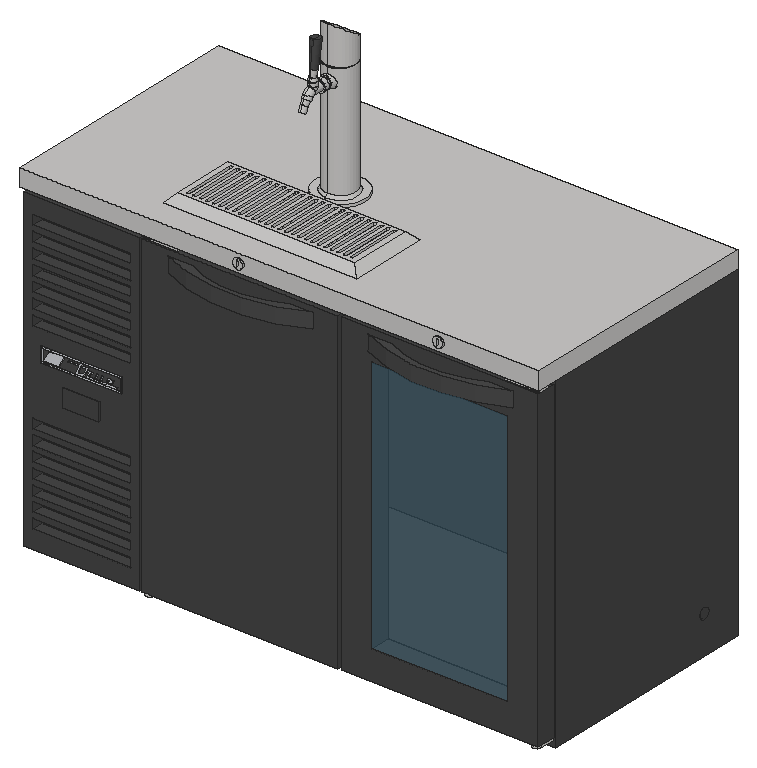
Revit family "QF_TRUE_TDR52-RISZ1-L-B-SG-1", category Specialty Equipment, Revit 2016 (continued)
Definition of nested family "TDR52-RISZ1-L-B-SG-1"
  Lines and regions (in)
    symbolic lines
      curve 103: arc (22.10722, -20.907, 0) -> (22.2791, -21.07887, 0) -> (22.45097, -20.907, 0) r 0.17187
      curve 104: line (22.45097, -20.907, 0) -> (22.45097, -15.64166, 0)
      curve 105: arc (22.45097, -15.64166, 0) -> (22.42549, -15.5516, 0) -> (22.3566, -15.48825, 0) r 0.17187
      curve 106: line (22.76347, -20.907, 0) -> (22.76347, -15.64166, 0)
      curve 107: arc (22.76347, -15.64166, 0) -> (22.93535, -15.46978, 0) -> (23.10722, -15.64166, 0) r 0.17187
      curve 108: line (23.10722, -15.64166, 0) -> (23.10722, -20.907, 0)
      curve 109: arc (23.10722, -20.907, 0) -> (22.93535, -21.07887, 0) -> (22.76347, -20.907, 0) r 0.17187
      curve 110: line (23.41972, -20.907, 0) -> (23.41972, -15.64166, 0)
      curve 111: arc (23.41972, -15.64166, 0) -> (23.5916, -15.46978, 0) -> (23.76347, -15.64166, 0) r 0.17187
      curve 112: line (23.76347, -15.64166, 0) -> (23.76347, -20.907, 0)
      curve 113: arc (23.76347, -20.907, 0) -> (23.5916, -21.07887, 0) -> (23.41972, -20.907, 0) r 0.17187
      curve 114: line (24.07597, -20.907, 0) -> (24.07597, -15.64166, 0)
      curve 115: arc (24.07597, -15.64166, 0) -> (24.24785, -15.46978, 0) -> (24.41972, -15.64166, 0) r 0.17187
      curve 116: line (24.41972, -15.64166, 0) -> (24.41972, -20.907, 0)
      curve 117: arc (24.41972, -20.907, 0) -> (24.24785, -21.07887, 0) -> (24.07597, -20.907, 0) r 0.17187
      curve 118: line (24.73222, -20.907, 0) -> (24.73222, -15.64166, 0)
      curve 119: arc (24.73222, -15.64166, 0) -> (24.9041, -15.46978, 0) -> (25.07597, -15.64166, 0) r 0.17187
      curve 120: line (25.07597, -15.64166, 0) -> (25.07597, -20.907, 0)
      curve 121: arc (25.07597, -20.907, 0) -> (24.9041, -21.07887, 0) -> (24.73222, -20.907, 0) r 0.17187
      curve 122: line (25.73222, -15.64166, 0) -> (25.73222, -20.907, 0)
      curve 123: arc (25.73222, -20.907, 0) -> (25.56035, -21.07887, 0) -> (25.38847, -20.907, 0) r 0.17187
      curve 124: line (25.38847, -20.907, 0) -> (25.38847, -15.64166, 0)
      curve 125: arc (25.38847, -15.64166, 0) -> (25.56035, -15.46978, 0) -> (25.73222, -15.64166, 0) r 0.17187
      curve 126: line (26.04472, -15.64166, 0) -> (26.04472, -20.907, 0)
      curve 127: arc (26.04472, -20.907, 0) -> (26.2166, -21.07887, 0) -> (26.38847, -20.907, 0) r 0.17187
      curve 128: line (26.38847, -20.907, 0) -> (26.38847, -15.64166, 0)
      curve 129: arc (26.38847, -15.64166, 0) -> (26.2166, -15.46978, 0) -> (26.04472, -15.64166, 0) r 0.17187
      curve 130: line (26.70097, -20.907, 0) -> (26.70097, -15.64166, 0)
      curve 131: arc (26.70097, -15.64166, 0) -> (26.87285, -15.46978, 0) -> (27.04472, -15.64166, 0) r 0.17187
      curve 132: line (27.04472, -15.64166, 0) -> (27.04472, -20.907, 0)
      curve 133: arc (27.04472, -20.907, 0) -> (26.87285, -21.07887, 0) -> (26.70097, -20.907, 0) r 0.17187
      curve 134: line (27.35722, -20.907, 0) -> (27.35722, -15.64166, 0)
      curve 135: arc (27.35722, -15.64166, 0) -> (27.5291, -15.46978, 0) -> (27.70097, -15.64166, 0) r 0.17187
      curve 136: line (27.70097, -15.64166, 0) -> (27.70097, -20.907, 0)
      curve 137: arc (27.70097, -20.907, 0) -> (27.5291, -21.07887, 0) -> (27.35722, -20.907, 0) r 0.17187
      curve 138: line (28.01347, -20.907, 0) -> (28.01347, -15.64166, 0)
      curve 139: arc (28.01347, -15.64166, 0) -> (28.18535, -15.46978, 0) -> (28.35722, -15.64166, 0) r 0.17187
      curve 140: line (28.35722, -15.64166, 0) -> (28.35722, -20.907, 0)
      curve 141: arc (28.35722, -20.907, 0) -> (28.18535, -21.07887, 0) -> (28.01347, -20.907, 0) r 0.17187
      curve 142: line (28.66972, -20.907, 0) -> (28.66972, -15.64166, 0)
      curve 143: arc (28.66972, -15.64166, 0) -> (28.8416, -15.46978, 0) -> (29.01347, -15.64166, 0) r 0.17187
      curve 144: line (29.01347, -15.64166, 0) -> (29.01347, -20.907, 0)
      curve 145: arc (29.01347, -20.907, 0) -> (28.8416, -21.07887, 0) -> (28.66972, -20.907, 0) r 0.17187
      curve 146: line (29.66972, -15.64166, 0) -> (29.66972, -20.907, 0)
      curve 147: arc (29.66972, -20.907, 0) -> (29.49785, -21.07887, 0) -> (29.32597, -20.907, 0) r 0.17187
      curve 148: line (29.32597, -20.907, 0) -> (29.32597, -15.64166, 0)
      curve 149: arc (29.32597, -15.64166, 0) -> (29.49785, -15.46978, 0) -> (29.66972, -15.64166, 0) r 0.17187
      curve 150: line (29.98222, -15.64166, 0) -> (29.98222, -20.907, 0)
      curve 151: arc (29.98222, -20.907, 0) -> (30.1541, -21.07887, 0) -> (30.32597, -20.907, 0) r 0.17187
      curve 152: line (30.32597, -20.907, 0) -> (30.32597, -15.64166, 0)
      curve 153: arc (30.32597, -15.64166, 0) -> (30.1541, -15.46978, 0) -> (29.98222, -15.64166, 0) r 0.17187
      curve 154: line (12.31858, -22.2153, 0) -> (31.61892, -22.2153, 0)
      curve 155: line (21.57879, -14.80115, 0) -> (21.57879, -15.01934, 0)
      curve 156: line (22.35871, -14.80115, 0) -> (22.35871, -15.01934, 0)
    symbolic lines, not visible
      curve 157: circle (20.96875, -12.11522, 0) r 1.55031 normal (0, 0, 1)
      curve 158: arc (21.61223, -13.73606, 0) -> (20.96875, -10.37132, 0) -> (20.32527, -13.73606, 0) r 1.7439
      curve 159: arc (21.5436, -14.54197, 0) -> (20.96875, -9.62132, 0) -> (20.3939, -14.54197, 0) r 2.4939
      curve 160: line (20.38021, -13.94112, 0) -> (21.55729, -13.94112, 0)
      curve 161: line (21.55729, -13.94112, 0) -> (21.67702, -13.49428, 0)
      curve 162: line (20.38021, -13.94112, 0) -> (20.26048, -13.49428, 0)
      curve 163: line (20.52237, -14.24379, 0) -> (20.52237, -13.94112, 0)
      curve 164: line (21.41513, -14.24379, 0) -> (21.41513, -13.94112, 0)
      curve 165: line (20.42011, -14.24379, 0) -> (21.51739, -14.24379, 0)
      curve 166: line (21.51739, -14.24379, 0) -> (21.55729, -14.69763, 0)
      curve 167: line (21.55729, -14.69763, 0) -> (20.38021, -14.69763, 0)
      curve 168: line (20.38021, -14.69763, 0) -> (20.42011, -14.24379, 0)
      curve 169: circle (20.96875, -15.14453, 0) r 0.45209 normal (0, 0, 1)
      curve 170: line (20.57246, -15.54083, 0) -> (20.57246, -16.26395, 0)
      curve 171: line (21.36504, -15.54083, 0) -> (21.36504, -16.26395, 0)
      curve 172: arc (20.57246, -16.26395, 0) -> (20.96875, -16.66024, 0) -> (21.36504, -16.26395, 0) r 0.39629
      curve 173: arc (20.66949, -16.52374, 0) -> (20.96875, -16.823, 0) -> (21.26801, -16.52374, 0) r 0.29926
      curve 174: line (20.68604, -16.82069, 0) -> (20.68604, -16.6219, 0)
      curve 175: line (21.25146, -16.82069, 0) -> (21.25146, -16.6219, 0)
      curve 176: arc (21.25146, -16.82069, 0) -> (20.96875, -17.10339, 0) -> (20.68604, -16.82069, 0) r 0.28271
      curve 177: arc (21.3439, -15.41312, 0) -> (20.96875, -15.93712, 0) -> (20.5936, -15.41312, 0) r 0.39629
      curve 178: line (20.65805, -15.55736, 0) -> (20.556, -15.32898, 0)
      curve 179: line (21.27945, -15.55736, 0) -> (21.3815, -15.32898, 0)
      curve 180: arc (21.27945, -15.55736, 0) -> (20.96875, -15.75883, 0) -> (20.65805, -15.55736, 0) r 0.34031
      curve 181: line (11.31858, -22.11177, 0) -> (11.31858, -14.26103, 0)
      curve 182: line (11.31858, -14.26103, 0) -> (19.69789, -14.26103, 0)
      curve 183: line (30.61892, -22.11177, 0) -> (30.61892, -14.26103, 0)
      curve 184: line (30.61892, -14.26103, 0) -> (22.23961, -14.26103, 0)
      curve 185: line (29.86892, -15.01103, 0) -> (29.86892, -21.36177, 0)
      curve 186: line (29.86892, -21.36177, 0) -> (12.06858, -21.36177, 0)
      curve 187: line (12.06858, -21.36177, 0) -> (12.06858, -15.01103, 0)
      curve 188: line (12.06858, -15.01103, 0) -> (20.53682, -15.01103, 0)
      curve 189: line (29.86892, -15.01103, 0) -> (21.40068, -15.01103, 0)
      curve 190: line (12.06858, -15.01103, 0) -> (11.31858, -14.26103, 0)
      curve 191: line (29.86892, -15.01103, 0) -> (30.61892, -14.26103, 0)
      curve 192: line (29.86892, -21.36177, 0) -> (30.61892, -22.11177, 0)
      curve 193: line (12.06858, -21.36177, 0) -> (11.31858, -22.11177, 0)
      curve 194: line (12.91972, -15.53813, 0) -> (12.91972, -20.80347, 0)
      curve 195: arc (12.91972, -20.80347, 0) -> (12.74785, -20.97534, 0) -> (12.57597, -20.80347, 0) r 0.17187
      curve 196: line (12.57597, -20.80347, 0) -> (12.57597, -15.53813, 0)
      curve 197: arc (12.57597, -15.53813, 0) -> (12.74785, -15.36625, 0) -> (12.91972, -15.53813, 0) r 0.17187
      curve 198: line (13.23222, -15.53813, 0) -> (13.23222, -20.80347, 0)
      curve 199: arc (13.23222, -20.80347, 0) -> (13.4041, -20.97534, 0) -> (13.57597, -20.80347, 0) r 0.17187
      curve 200: line (13.57597, -20.80347, 0) -> (13.57597, -15.53813, 0)
      curve 201: arc (13.57597, -15.53813, 0) -> (13.4041, -15.36625, 0) -> (13.23222, -15.53813, 0) r 0.17187
      curve 202: line (13.88847, -20.80347, 0) -> (13.88847, -15.53813, 0)
      curve 203: arc (13.88847, -15.53813, 0) -> (14.06035, -15.36625, 0) -> (14.23222, -15.53813, 0) r 0.17187
      curve 204: line (14.23222, -15.53813, 0) -> (14.23222, -20.80347, 0)
      curve 205: arc (14.23222, -20.80347, 0) -> (14.06035, -20.97534, 0) -> (13.88847, -20.80347, 0) r 0.17187
      curve 206: line (14.54472, -20.80347, 0) -> (14.54472, -15.53813, 0)
      curve 207: arc (14.54472, -15.53813, 0) -> (14.7166, -15.36625, 0) -> (14.88847, -15.53813, 0) r 0.17187
      curve 208: line (14.88847, -15.53813, 0) -> (14.88847, -20.80347, 0)
      curve 209: arc (14.88847, -20.80347, 0) -> (14.7166, -20.97534, 0) -> (14.54472, -20.80347, 0) r 0.17187
      curve 210: line (15.20097, -20.80347, 0) -> (15.20097, -15.53813, 0)
      curve 211: arc (15.20097, -15.53813, 0) -> (15.37285, -15.36625, 0) -> (15.54472, -15.53813, 0) r 0.17187
      curve 212: line (15.54472, -15.53813, 0) -> (15.54472, -20.80347, 0)
      curve 213: arc (15.54472, -20.80347, 0) -> (15.37285, -20.97534, 0) -> (15.20097, -20.80347, 0) r 0.17187
      curve 214: line (15.85722, -20.80347, 0) -> (15.85722, -15.53813, 0)
      curve 215: arc (15.85722, -15.53813, 0) -> (16.0291, -15.36625, 0) -> (16.20097, -15.53813, 0) r 0.17187
      curve 216: line (16.20097, -15.53813, 0) -> (16.20097, -20.80347, 0)
      curve 217: arc (16.20097, -20.80347, 0) -> (16.0291, -20.97534, 0) -> (15.85722, -20.80347, 0) r 0.17187
      curve 218: line (16.85722, -15.53813, 0) -> (16.85722, -20.80347, 0)
      curve 219: arc (16.85722, -20.80347, 0) -> (16.68535, -20.97534, 0) -> (16.51347, -20.80347, 0) r 0.17187
      curve 220: line (16.51347, -20.80347, 0) -> (16.51347, -15.53813, 0)
      curve 221: arc (16.51347, -15.53813, 0) -> (16.68535, -15.36625, 0) -> (16.85722, -15.53813, 0) r 0.17187
      curve 222: line (17.16972, -15.53813, 0) -> (17.16972, -20.80347, 0)
      curve 223: arc (17.16972, -20.80347, 0) -> (17.3416, -20.97534, 0) -> (17.51347, -20.80347, 0) r 0.17187
      curve 224: line (17.51347, -20.80347, 0) -> (17.51347, -15.53813, 0)
      curve 225: arc (17.51347, -15.53813, 0) -> (17.3416, -15.36625, 0) -> (17.16972, -15.53813, 0) r 0.17187
      curve 226: line (17.82597, -20.80347, 0) -> (17.82597, -15.53813, 0)
      curve 227: arc (17.82597, -15.53813, 0) -> (17.99785, -15.36625, 0) -> (18.16972, -15.53813, 0) r 0.17187
      curve 228: line (18.16972, -15.53813, 0) -> (18.16972, -20.80347, 0)
      curve 229: arc (18.16972, -20.80347, 0) -> (17.99785, -20.97534, 0) -> (17.82597, -20.80347, 0) r 0.17187
      curve 230: line (18.48222, -20.80347, 0) -> (18.48222, -15.53813, 0)
      curve 231: arc (18.48222, -15.53813, 0) -> (18.6541, -15.36625, 0) -> (18.82597, -15.53813, 0) r 0.17187
      curve 232: line (18.82597, -15.53813, 0) -> (18.82597, -20.80347, 0)
      curve 233: arc (18.82597, -20.80347, 0) -> (18.6541, -20.97534, 0) -> (18.48222, -20.80347, 0) r 0.17187
      curve 234: line (19.13847, -20.80347, 0) -> (19.13847, -15.53813, 0)
      curve 235: arc (19.13847, -15.53813, 0) -> (19.31035, -15.36625, 0) -> (19.48222, -15.53813, 0) r 0.17187
      curve 236: line (19.48222, -15.53813, 0) -> (19.48222, -20.80347, 0)
      curve 237: arc (19.48222, -20.80347, 0) -> (19.31035, -20.97534, 0) -> (19.13847, -20.80347, 0) r 0.17187
      curve 238: line (19.79472, -20.80347, 0) -> (19.79472, -15.53813, 0)
      curve 239: arc (19.79472, -15.53813, 0) -> (19.9666, -15.36625, 0) -> (20.13847, -15.53813, 0) r 0.17187
      curve 240: line (20.13847, -15.53813, 0) -> (20.13847, -20.80347, 0)
      curve 241: arc (20.13847, -20.80347, 0) -> (19.9666, -20.97534, 0) -> (19.79472, -20.80347, 0) r 0.17187
      curve 242: line (20.79472, -17.04348, 0) -> (20.79472, -20.80347, 0)
      curve 243: arc (20.79472, -20.80347, 0) -> (20.62285, -20.97534, 0) -> (20.45097, -20.80347, 0) r 0.17187
      curve 244: line (20.45097, -20.80347, 0) -> (20.45097, -15.53813, 0)
      curve 245: arc (20.45097, -15.53813, 0) -> (20.48562, -15.43463, 0) -> (20.57561, -15.37287, 0) r 0.17187
      curve 246: line (21.10722, -17.06716, 0) -> (21.10722, -20.80347, 0)
      curve 247: arc (21.10722, -20.80347, 0) -> (21.2791, -20.97534, 0) -> (21.45097, -20.80347, 0) r 0.17187
      curve 248: line (21.45097, -20.80347, 0) -> (21.45097, -15.53813, 0)
      curve 249: arc (21.45097, -15.53813, 0) -> (21.42549, -15.44807, 0) -> (21.3566, -15.38472, 0) r 0.17187
      curve 250: line (21.76347, -20.80347, 0) -> (21.76347, -15.53813, 0)
      curve 251: arc (21.76347, -15.53813, 0) -> (21.93535, -15.36625, 0) -> (22.10722, -15.53813, 0) r 0.17187
      curve 252: line (22.10722, -15.53813, 0) -> (22.10722, -20.80347, 0)
      curve 253: arc (22.10722, -20.80347, 0) -> (21.93535, -20.97534, 0) -> (21.76347, -20.80347, 0) r 0.17187
      curve 254: line (22.41972, -20.80347, 0) -> (22.41972, -15.53813, 0)
      curve 255: arc (22.41972, -15.53813, 0) -> (22.5916, -15.36625, 0) -> (22.76347, -15.53813, 0) r 0.17187
      curve 256: line (22.76347, -15.53813, 0) -> (22.76347, -20.80347, 0)
      curve 257: arc (22.76347, -20.80347, 0) -> (22.5916, -20.97534, 0) -> (22.41972, -20.80347, 0) r 0.17187
      curve 258: line (23.07597, -20.80347, 0) -> (23.07597, -15.53813, 0)
      curve 259: arc (23.07597, -15.53813, 0) -> (23.24785, -15.36625, 0) -> (23.41972, -15.53813, 0) r 0.17187
      curve 260: line (23.41972, -15.53813, 0) -> (23.41972, -20.80347, 0)
      curve 261: arc (23.41972, -20.80347, 0) -> (23.24785, -20.97534, 0) -> (23.07597, -20.80347, 0) r 0.17187
      curve 262: line (23.73222, -20.80347, 0) -> (23.73222, -15.53813, 0)
      curve 263: arc (23.73222, -15.53813, 0) -> (23.9041, -15.36625, 0) -> (24.07597, -15.53813, 0) r 0.17187
      curve 264: line (24.07597, -15.53813, 0) -> (24.07597, -20.80347, 0)
      curve 265: arc (24.07597, -20.80347, 0) -> (23.9041, -20.97534, 0) -> (23.73222, -20.80347, 0) r 0.17187
      curve 266: line (24.73222, -15.53813, 0) -> (24.73222, -20.80347, 0)
      curve 267: arc (24.73222, -20.80347, 0) -> (24.56035, -20.97534, 0) -> (24.38847, -20.80347, 0) r 0.17187
      curve 268: line (24.38847, -20.80347, 0) -> (24.38847, -15.53813, 0)
      curve 269: arc (24.38847, -15.53813, 0) -> (24.56035, -15.36625, 0) -> (24.73222, -15.53813, 0) r 0.17187
      curve 270: line (25.04472, -15.53813, 0) -> (25.04472, -20.80347, 0)
      curve 271: arc (25.04472, -20.80347, 0) -> (25.2166, -20.97534, 0) -> (25.38847, -20.80347, 0) r 0.17187
      curve 272: line (25.38847, -20.80347, 0) -> (25.38847, -15.53813, 0)
      curve 273: arc (25.38847, -15.53813, 0) -> (25.2166, -15.36625, 0) -> (25.04472, -15.53813, 0) r 0.17187
      curve 274: line (25.70097, -20.80347, 0) -> (25.70097, -15.53813, 0)
      curve 275: arc (25.70097, -15.53813, 0) -> (25.87285, -15.36625, 0) -> (26.04472, -15.53813, 0) r 0.17187
      curve 276: line (26.04472, -15.53813, 0) -> (26.04472, -20.80347, 0)
      curve 277: arc (26.04472, -20.80347, 0) -> (25.87285, -20.97534, 0) -> (25.70097, -20.80347, 0) r 0.17187
      curve 278: line (26.35722, -20.80347, 0) -> (26.35722, -15.53813, 0)
      curve 279: arc (26.35722, -15.53813, 0) -> (26.5291, -15.36625, 0) -> (26.70097, -15.53813, 0) r 0.17187
      curve 280: line (26.70097, -15.53813, 0) -> (26.70097, -20.80347, 0)
      curve 281: arc (26.70097, -20.80347, 0) -> (26.5291, -20.97534, 0) -> (26.35722, -20.80347, 0) r 0.17187
      curve 282: line (27.01347, -20.80347, 0) -> (27.01347, -15.53813, 0)
      curve 283: arc (27.01347, -15.53813, 0) -> (27.18535, -15.36625, 0) -> (27.35722, -15.53813, 0) r 0.17187
      curve 284: line (27.35722, -15.53813, 0) -> (27.35722, -20.80347, 0)
      curve 285: arc (27.35722, -20.80347, 0) -> (27.18535, -20.97534, 0) -> (27.01347, -20.80347, 0) r 0.17187
      curve 286: line (27.66972, -20.80347, 0) -> (27.66972, -15.53813, 0)
      curve 287: arc (27.66972, -15.53813, 0) -> (27.8416, -15.36625, 0) -> (28.01347, -15.53813, 0) r 0.17187
      curve 288: line (28.01347, -15.53813, 0) -> (28.01347, -20.80347, 0)
      curve 289: arc (28.01347, -20.80347, 0) -> (27.8416, -20.97534, 0) -> (27.66972, -20.80347, 0) r 0.17187
      curve 290: line (28.66972, -15.53813, 0) -> (28.66972, -20.80347, 0)
      curve 291: arc (28.66972, -20.80347, 0) -> (28.49785, -20.97534, 0) -> (28.32597, -20.80347, 0) r 0.17187
      curve 292: line (28.32597, -20.80347, 0) -> (28.32597, -15.53813, 0)
      curve 293: arc (28.32597, -15.53813, 0) -> (28.49785, -15.36625, 0) -> (28.66972, -15.53813, 0) r 0.17187
      curve 294: line (28.98222, -15.53813, 0) -> (28.98222, -20.80347, 0)
      curve 295: arc (28.98222, -20.80347, 0) -> (29.1541, -20.97534, 0) -> (29.32597, -20.80347, 0) r 0.17187
      curve 296: line (29.32597, -20.80347, 0) -> (29.32597, -15.53813, 0)
      curve 297: arc (29.32597, -15.53813, 0) -> (29.1541, -15.36625, 0) -> (28.98222, -15.53813, 0) r 0.17187
      curve 298: line (11.31858, -22.11177, 0) -> (30.61892, -22.11177, 0)
      curve 299: line (20.57879, -14.69763, 0) -> (20.57879, -14.91581, 0)
      curve 300: line (21.35871, -14.69763, 0) -> (21.35871, -14.91581, 0)
  Dimensions and locks (in)
    equal spacing: plane 3 "LEFT", plane 7 "Center Y", plane 4 "RIGHT"
    "Length": plane 3 "LEFT" to plane 4 "RIGHT"
    equal spacing: plane 5 "FRONT", plane 8 "Center X", plane 1 "BACK"
    "Depth": plane 5 "FRONT" to plane 1 "BACK"
    "Height": plane 6 "TOP" to level
    plane 3 "LEFT" to plane 4 "RIGHT" = 52"
    plane 5 "FRONT" to plane 1 "BACK" = 26 3/8"
    plane 9 to plane 1 "BACK" = 24 27/32"
    plane 10 to plane 1 "BACK" = 24 21/32"
    plane 11 to plane 1 "BACK" = 43 19/32"
    Extrusion 4 to Extrusion 4 = 11 19/32"
    Extrusion 5 to Extrusion 5 = 19 5/8"  (x2)
    Extrusion 30 sketch curve to plane 4 "RIGHT" = 7 3/4"
    Extrusion 30 sketch curve to plane 1 "BACK" = 4 11/32"
    plane 3 "LEFT" to Extrusion 30 sketch curve = 16 3/4"
    Extrusion 30 sketch curve to plane 1 "BACK" = 4 31/32"
    Extrusion 29 sketch curve to plane 3 "LEFT" = 6"
    plane 2 to Extrusion 29 sketch curve = 18 1/2"
    plane 1 "BACK" to plane 13 = 12 7/32"
    plane 12 to plane 4 "RIGHT" = 30 1/32"
    plane 14 to plane 6 "TOP" = 15 3/4"
    aligned and locked: level to plane 2
  Automatic sketch dimensions
    Extrusion 1 sketch curve to plane 9 = 0"
    Extrusion 1 sketch curve to plane 1 "BACK" = 0"
    Extrusion 1 sketch curve to plane 6 "TOP" = 0"
    Extrusion 1 sketch curve to plane 6 "TOP" = 1 3/4"
    Extrusion 2 sketch curve to level = 0"
    Extrusion 2 sketch curve to plane 3 "LEFT" = 0"
    level to Extrusion 2 sketch curve = 25/32"
    plane 3 "LEFT" to Extrusion 2 sketch curve = 12 3/32"
    plane 4 "RIGHT" to Extrusion 2 sketch curve = 1/4"
    Extrusion 2 sketch curve to Extrusion 2 sketch curve = 1/4"
    Extrusion 2 sketch curve to plane 6 "TOP" = 2 7/32"
    Extrusion 2 sketch curve to plane 6 "TOP" = 1 3/4"
    Extrusion 3 sketch curve to Extrusion 2 = 0"  (x3)
    Extrusion 2 to Extrusion 3 sketch curve = 0"
    Extrusion 4 sketch curve to Extrusion 2 = 0"  (x2)
    Extrusion 4 sketch curve to Extrusion 2 = 1/4"  (x2)
    Extrusion 4 sketch curve to Extrusion 2 = 1 1/8"  (x8)
    Extrusion 4 sketch curve to Extrusion 4 sketch curve = 0"  (x20)
    Extrusion 2 to Extrusion 4 sketch curve = 1.78584"
    Extrusion 4 sketch curve to Extrusion 4 sketch curve = 1"  (x14)
    Extrusion 4 sketch curve to Extrusion 4 sketch curve = 1/2"  (x12)
    Extrusion 4 sketch curve to Extrusion 4 sketch curve = 8 1/4"
    Extrusion 5 sketch curve to Extrusion 2 = 0"  (x5)
    Extrusion 2 to Extrusion 5 sketch curve = 0"
    Extrusion 5 sketch curve to Extrusion 5 sketch curve = 13/32"
    Extrusion 5 sketch curve to Extrusion 5 sketch curve = 3"
    Extrusion 2 to Extrusion 5 sketch curve = 3"  (x3)
    Extrusion 2 to Extrusion 6 sketch curve = 3"  (x3)
    Extrusion 4 to Extrusion 7 sketch curve = 3 1/8"  (x2)
    Extrusion 7 sketch curve to Extrusion 4 = 2.05764"
    Extrusion 7 sketch curve to Extrusion 7 sketch curve = 1 3/4"
    Extrusion 8 sketch curve to Extrusion 1 = 0.53256"  (x2)
    Extrusion 8 sketch curve to Extrusion 8 sketch curve = 0.31172"  (x2)
    Extrusion 8 sketch curve to Extrusion 8 sketch curve = 0.33003"  (x2)
    Extrusion 1 to Extrusion 8 sketch curve = 9.98543"
    Extrusion 8 sketch curve to Extrusion 8 sketch curve = 0.07707"  (x2)
    Extrusion 8 sketch curve to Extrusion 8 sketch curve = 0.1397"  (x2)
    Extrusion 8 sketch curve to Extrusion 8 sketch curve = 19.89155"
    Extrusion 9 sketch curve to Extrusion 2 = 1.28286"  (x4)
    Extrusion 9 sketch curve to Extrusion 9 sketch curve = 0"  (x20)
    Extrusion 9 sketch curve to Extrusion 2 = 0.96714"  (x4)
    Extrusion 2 to Extrusion 9 sketch curve = 1.78584"
    Extrusion 9 sketch curve to Extrusion 9 sketch curve = 1"  (x14)
    Extrusion 9 sketch curve to Extrusion 9 sketch curve = 1/2"  (x12)
    Extrusion 9 sketch curve to Extrusion 9 sketch curve = 8 1/4"
    plane 10 to Extrusion 10 sketch curve = 0.08877"
    Extrusion 10 sketch curve to plane 7 "Center Y" = 12.93382"
    Extrusion 10 sketch curve to plane 10 = 1.87998"
    Extrusion 10 sketch curve to Extrusion 10 sketch curve = 0.03436"
    Extrusion 10 sketch curve to Extrusion 10 sketch curve = 0.53832"
    Extrusion 10 sketch curve to Extrusion 10 sketch curve = 0.91779"
    Extrusion 10 sketch curve to Extrusion 10 sketch curve = 0.4482"
    Extrusion 10 sketch curve to plane 10 = 0.44246"
    Extrusion 11 sketch curve to Extrusion 11 sketch curve = 0"  (x2)
    Extrusion 11 sketch curve to plane 10 = 1.87998"
    Extrusion 11 sketch curve to plane 10 = 0.42963"
    Extrusion 11 sketch curve to plane 10 = 0.42214"  (x2)
    plane 3 "LEFT" to Extrusion 11 sketch curve = 12 3/32"
    Extrusion 11 sketch curve to Extrusion 11 sketch curve = 0.02963"
    Extrusion 11 sketch curve to Extrusion 11 sketch curve = 0.42957"
    Extrusion 11 sketch curve to Extrusion 11 sketch curve = 0.91839"
    Extrusion 12 sketch curve to plane 10 = 0.42963"
    plane 3 "LEFT" to Extrusion 12 sketch curve = 12.55295"
    Extrusion 13 sketch curve to plane 10 = 0.15862"
    Extrusion 13 sketch curve to plane 7 "Center Y" = 10.44115"
    Extrusion 13 sketch curve to Extrusion 13 sketch curve = 0.37938"
    Extrusion 13 sketch curve to Extrusion 13 sketch curve = 1"
    Extrusion 13 sketch curve to plane 10 = 0.66383"
    Extrusion 13 sketch curve to Extrusion 13 sketch curve = 1.65026"
    Extrusion 13 sketch curve to Extrusion 13 sketch curve = 0.43546"
    Extrusion 13 sketch curve to Extrusion 13 sketch curve = 0.51683"
    Extrusion 13 sketch curve to plane 10 = 0.67545"
    Extrusion 13 sketch curve to Extrusion 13 sketch curve = 0.5459"
    Extrusion 14 sketch curve to plane 10 = 0.67545"  (x2)
    Extrusion 14 sketch curve to plane 7 "Center Y" = 10.82053"
    Extrusion 14 sketch curve to Extrusion 14 sketch curve = 1"
    Extrusion 15 sketch curve to Extrusion 15 sketch curve = 0"  (x2)
    Extrusion 15 sketch curve to plane 10 = 1.87998"
    Extrusion 15 sketch curve to plane 10 = 0.42963"
    Extrusion 15 sketch curve to plane 10 = 0.42214"  (x2)
    plane 3 "LEFT" to Extrusion 15 sketch curve = 12 3/32"
    Extrusion 15 sketch curve to Extrusion 15 sketch curve = 0.02963"
    Extrusion 15 sketch curve to Extrusion 15 sketch curve = 0.42957"
    Extrusion 15 sketch curve to Extrusion 15 sketch curve = 0.91839"
    Extrusion 16 sketch curve to plane 10 = 0.42963"
    plane 3 "LEFT" to Extrusion 16 sketch curve = 12.55295"
    Extrusion 17 sketch curve to Extrusion 17 sketch curve = 0"  (x2)
    Extrusion 17 sketch curve to plane 10 = 0.66383"
    plane 3 "LEFT" to Extrusion 17 sketch curve = 12.52785"
    Extrusion 17 sketch curve to Extrusion 17 sketch curve = 1/4"
    plane 10 to Extrusion 18 sketch curve = 0.08877"
    plane 4 "RIGHT" to Extrusion 18 sketch curve = 1.22243"
    Extrusion 18 sketch curve to plane 10 = 1.87998"
    Extrusion 18 sketch curve to Extrusion 18 sketch curve = 0.03436"
    Extrusion 18 sketch curve to Extrusion 18 sketch curve = 0.53832"
    Extrusion 18 sketch curve to Extrusion 18 sketch curve = 0.91779"
    Extrusion 18 sketch curve to Extrusion 18 sketch curve = 0.4482"
    Extrusion 18 sketch curve to plane 10 = 0.44246"
    Extrusion 19 sketch curve to Extrusion 19 sketch curve = 0"  (x2)
    Extrusion 19 sketch curve to plane 10 = 0.42214"  (x2)
    Extrusion 19 sketch curve to Extrusion 19 sketch curve = 0.0075"
    Extrusion 19 sketch curve to Extrusion 19 sketch curve = 1.45784"
    plane 4 "RIGHT" to Extrusion 19 sketch curve = 1/4"
    Extrusion 19 sketch curve to Extrusion 19 sketch curve = 0.02963"
    Extrusion 19 sketch curve to Extrusion 19 sketch curve = 0.42957"
    Extrusion 19 sketch curve to Extrusion 19 sketch curve = 0.91839"
    Extrusion 20 sketch curve to plane 10 = 0.42963"
    plane 4 "RIGHT" to Extrusion 20 sketch curve = 0.7092"
    Extrusion 21 sketch curve to plane 10 = 0.15862"
    plane 4 "RIGHT" to Extrusion 21 sketch curve = 3.7151"
    Extrusion 21 sketch curve to Extrusion 21 sketch curve = 0.37938"
    Extrusion 21 sketch curve to Extrusion 21 sketch curve = 1"
    Extrusion 21 sketch curve to plane 10 = 0.66383"
    Extrusion 21 sketch curve to Extrusion 21 sketch curve = 1.65026"
    Extrusion 21 sketch curve to Extrusion 21 sketch curve = 0.43546"
    Extrusion 21 sketch curve to plane 10 = 0.67545"
    Extrusion 21 sketch curve to Extrusion 21 sketch curve = 0.51683"
    Extrusion 21 sketch curve to Extrusion 21 sketch curve = 0.53428"
    Extrusion 22 sketch curve to plane 10 = 0.67545"  (x2)
    plane 4 "RIGHT" to Extrusion 22 sketch curve = 3.33572"
    Extrusion 22 sketch curve to Extrusion 22 sketch curve = 1"
    Extrusion 23 sketch curve to Extrusion 23 sketch curve = 0"  (x2)
    Extrusion 23 sketch curve to plane 10 = 0.42214"  (x2)
    Extrusion 23 sketch curve to Extrusion 23 sketch curve = 0.0075"
    Extrusion 23 sketch curve to Extrusion 23 sketch curve = 1.45784"
    plane 4 "RIGHT" to Extrusion 23 sketch curve = 1/4"
    Extrusion 23 sketch curve to Extrusion 23 sketch curve = 0.02963"
    Extrusion 23 sketch curve to Extrusion 23 sketch curve = 0.42957"
    Extrusion 23 sketch curve to Extrusion 23 sketch curve = 0.91839"
    Extrusion 24 sketch curve to plane 10 = 0.42963"
    plane 4 "RIGHT" to Extrusion 24 sketch curve = 0.7092"
    Extrusion 25 sketch curve to Extrusion 25 sketch curve = 0"  (x2)
    Extrusion 25 sketch curve to plane 10 = 0.66383"
    plane 4 "RIGHT" to Extrusion 25 sketch curve = 0.6841"
    Extrusion 25 sketch curve to Extrusion 25 sketch curve = 1/4"
    plane 10 to Extrusion 26 sketch curve = 0"  (x4)
    plane 4 "RIGHT" to Extrusion 26 sketch curve = 2.80044"
    plane 4 "RIGHT" to Extrusion 26 sketch curve = 5.07085"
    plane 7 "Center Y" to Extrusion 26 sketch curve = 3.16831"
    Extrusion 26 sketch curve to Extrusion 26 sketch curve = 2.2704"
    Extrusion 26 sketch curve to plane 7 "Center Y" = 4 3/32"  (x2)
    Extrusion 26 sketch curve to plane 8 "Center X" = 2.09836"  (x2)
    plane 8 "Center X" to Extrusion 26 sketch curve = 2.77087"  (x2)
    plane 4 "RIGHT" to Extrusion 26 sketch curve = 10 1/16"
    Extrusion 26 sketch curve to Extrusion 26 sketch curve = 0"
    Extrusion 28 sketch curve to level = 0"
    Extrusion 28 sketch curve to plane 3 "LEFT" = 0"
    plane 3 "LEFT" to Extrusion 28 sketch curve = 10 31/32"
    Extrusion 28 sketch curve to plane 6 "TOP" = 15 1/4"
    Extrusion 29 sketch curve to Extrusion 29 sketch curve = 0"
    Extrusion 29 sketch curve to Extrusion 29 sketch curve = 3 1/4"
    plane 1 "BACK" to Extrusion 27 sketch curve = 4 5/16"
    level to Extrusion 27 sketch curve = 3 31/32"
    plane 10 to Extrusion 31 sketch curve = 0"  (x2)
    Extrusion 31 sketch curve to plane 11 = 0"  (x2)
    plane 3 "LEFT" to Extrusion 31 sketch curve = 12 3/32"
    Extrusion 31 sketch curve to Extrusion 31 sketch curve = 0.14072"
    plane 7 "Center Y" to Extrusion 31 sketch curve = 5 23/32"
    Extrusion 31 sketch curve to Extrusion 31 sketch curve = 13/32"
    plane 4 "RIGHT" to Extrusion 31 sketch curve = 0.39072"
    plane 4 "RIGHT" to Extrusion 31 sketch curve = 1/4"
    curve 11 to plane 3 "LEFT" = 0"
    curve 1 to plane 9 = 0"
    plane 1 "BACK" to curve 8 = 0"
    curve 8 to plane 4 "RIGHT" = 0"
    curve 3 to plane 10 = 0.55415"
    curve 5 to plane 7 "Center Y" = 4 3/32"
    curve 4 to plane 7 "Center Y" = 4 3/32"
    plane 7 "Center Y" to curve 1 = 2.74756"
    plane 8 "Center X" to curve 6 = 2.77087"
    plane 4 "RIGHT" to curve 6 = 10 1/16"
    curve 7 to plane 8 "Center X" = 2.09836"
    curve 7 to curve 6 = 0"
    plane 4 "RIGHT" to curve 2 = 0.39072"
    plane 5 "FRONT" to curve 1 = 8.08383"
    curve 2 to plane 10 = 0.55415"
    curve 5 to plane 8 "Center X" = 2.09836"
    plane 8 "Center X" to curve 4 = 2.77087"
    curve 1 to curve 3 = 0.14072"
    curve 3 to curve 4 = 2.78974"
    curve 4 to curve 5 = 2.25953"
    curve 3 to curve 2 = 0.41872"
    curve 3 to curve 12 = 6.34862"
    curve 2 to curve 6 = 2.92422"
    curve 6 to curve 7 = 2.25953"
    plane 4 "RIGHT" to curve 12 = 1/4"
    curve 3 to curve 12 = 0"
    Revolve 32 sketch curve to Revolve 32 sketch curve = 0"  (x2)
    Revolve 32 sketch curve to Revolve 32 sketch curve = 0.1161"
    Revolve 32 sketch curve to Revolve 32 sketch curve = 0.12521"
    Revolve 32 sketch curve to Revolve 32 sketch curve = 3.71859"
    Revolve 32 sketch curve to Revolve 32 sketch curve = 0.04988"
    Revolve 32 sketch curve to Revolve 32 sketch curve = 2.20608"
    Blend 33 sketch curve to Blend 33 sketch curve = 7.85075"
    Blend 33 sketch curve to Blend 33 sketch curve = 6.35075"
    Revolve 32 sketch curve to Revolve 32 sketch curve = 0.33531"
    Revolve 32 sketch curve to Revolve 32 sketch curve = 11.35384"
    Extrusion 34 sketch curve to Blend 33 = 0.54295"
    Extrusion 34 sketch curve to Extrusion 34 sketch curve = 11/64"  (x26)
    Extrusion 34 sketch curve to Extrusion 34 sketch curve = 5/16"  (x25)
    Extrusion 34 sketch curve to Blend 33 = 0.5583"
    Extrusion 34 sketch curve to Extrusion 34 sketch curve = 0"  (x50)
    Extrusion 34 sketch curve to Blend 33 = 0.5271"
    Revolve 36 sketch curve to Revolve 36 sketch curve = 0.45383"
    Revolve 36 sketch curve to Revolve 36 sketch curve = 0.30267"
    Revolve 36 sketch curve to Revolve 36 sketch curve = 0.7136"
    Revolve 36 sketch curve to Revolve 36 sketch curve = 0.44638"
    Revolve 36 sketch curve to Revolve 36 sketch curve = 0.10226"
    Revolve 36 sketch curve to Revolve 36 sketch curve = 0.0399"
    Revolve 36 sketch curve to Revolve 36 sketch curve = 0.14216"
    Revolve 36 sketch curve to Revolve 36 sketch curve = 0.21108"
    Sweep 37 sketch curve to Sweep 37 sketch curve = 0.36485"
    Sweep 37 sketch curve to Sweep 37 sketch curve = 0.15173"
    Sweep 37 sketch curve to Sweep 37 sketch curve = 1.09705"
    Sweep 37 sketch curve to profile plane = 0"  (x2)
    Revolve 38 sketch curve to Revolve 38 sketch curve = 0.24452"
    Revolve 38 sketch curve to Revolve 38 sketch curve = 0.08151"
    Revolve 38 sketch curve to Revolve 38 sketch curve = 0"  (x2)
    Revolve 39 sketch curve to Revolve 39 sketch curve = 0.0378"
    Revolve 39 sketch curve to Revolve 39 sketch curve = 0.07821"  (x2)
    Revolve 39 sketch curve to Revolve 39 sketch curve = 0.31808"
    Revolve 39 sketch curve to Revolve 39 sketch curve = 0.35985"
    Revolve 39 sketch curve to Revolve 39 sketch curve = 0.06546"
    Revolve 39 sketch curve to Revolve 39 sketch curve = 1/4"
    Revolve 39 sketch curve to Revolve 39 sketch curve = 0"
    Revolve 39 sketch curve to Revolve 39 sketch curve = 0.15886"
    Revolve 39 sketch curve to Revolve 39 sketch curve = 0.05098"
    Revolve 40 sketch curve to Revolve 40 sketch curve = 0.13605"
    Revolve 40 sketch curve to Revolve 40 sketch curve = 0.01692"
    Revolve 40 sketch curve to Revolve 40 sketch curve = 0.1398"
    Revolve 40 sketch curve to Revolve 40 sketch curve = 0.06683"
    Revolve 40 sketch curve to Revolve 40 sketch curve = 0.24021"
    Revolve 40 sketch curve to Revolve 40 sketch curve = 0.16424"
    Revolve 40 sketch curve to Revolve 40 sketch curve = 0.44941"
    Revolve 40 sketch curve to Revolve 40 sketch curve = 0.0143"
    Revolve 40 sketch curve to Revolve 40 sketch curve = 0.27357"
    Revolve 40 sketch curve to Revolve 40 sketch curve = 0.01543"
    Revolve 40 sketch curve to Revolve 40 sketch curve = 0.01213"
    Revolve 40 sketch curve to Revolve 40 sketch curve = 0"  (x2)
    Revolve 40 sketch curve to Revolve 40 sketch curve = 0.11538"
    Revolve 32 sketch curve to Revolve 32 sketch curve = 3/4"
    Revolve 32 sketch curve to Revolve 32 sketch curve = 0.19359"
    Revolve 32 sketch curve to Revolve 32 sketch curve = 1.55031"
    Revolve 32 sketch curve to Revolve 32 sketch curve = 0.21704"
    Blend 33 sketch curve to Blend 33 sketch curve = 19.30033"
    Blend 33 sketch curve to Blend 33 sketch curve = 17.80033"
    Revolve 36 sketch curve to Revolve 36 sketch curve = 68.08657"
    Revolve 36 sketch curve to Revolve 36 sketch curve = 100.7997"
    Revolve 36 sketch curve to Revolve 36 sketch curve = 0"
    Sweep 37 sketch curve to Sweep 37 sketch curve = 0.21065"
    Sweep 37 sketch curve to Sweep 37 sketch curve = 0.26281"
    Revolve 38 sketch curve to Revolve 38 sketch curve = 0.29675"
    Revolve 38 sketch curve to Revolve 38 sketch curve = 0.00598"
    Revolve 38 sketch curve to Revolve 38 sketch curve = 0.29779"
    Revolve 38 sketch curve to Revolve 38 sketch curve = 0.14117"  (x2)
    Revolve 40 sketch curve to Revolve 40 sketch curve = 0.05569"
    curve 13 to curve 14 = 0"  (x3)
    curve 13 to curve 15 = 0"  (x4)
    curve 14 to curve 15 = 0"  (x3)
    curve 37 to curve 49 = 3/4"
    curve 42 to curve 52 = 0.50739"
    curve 51 to curve 51 = 11/64"
    curve 53 to curve 54 = 5/16"
    curve 55 to curve 55 = 11/64"
    curve 55 to curve 58 = 5/16"
    curve 59 to curve 59 = 11/64"
    curve 59 to curve 62 = 5/16"
    curve 65 to curve 65 = 11/64"
    curve 65 to curve 66 = 5/16"
    curve 69 to curve 69 = 11/64"
    curve 68 to curve 70 = 5/16"
    curve 70 to curve 73 = 11/64"
    curve 72 to curve 76 = 5/16"
    curve 76 to curve 75 = 11/64"
    curve 74 to curve 78 = 5/16"
    curve 78 to curve 79 = 11/64"
    curve 80 to curve 82 = 5/16"
    curve 82 to curve 83 = 11/64"
    curve 84 to curve 86 = 5/16"
    curve 87 to curve 87 = 11/64"
    curve 88 to curve 90 = 5/16"
    curve 90 to curve 91 = 11/64"
    curve 92 to curve 94 = 5/16"
    curve 94 to curve 97 = 11/64"
    curve 96 to curve 18 = 0.24174"
    curve 24 to curve 16 = 0"
    curve 16 to curve 24 = 0.0399"
    curve 96 to curve 100 = 5/16"
    curve 100 to curve 26 = 0.12149"
    curve 99 to curve 99 = 11/64"
    curve 26 to curve 101 = 0.05039"
    curve 101 to curve 34 = 0.03521"
    curve 30 to curve 98 = 0.10868"
    curve 36 to curve 33 = 0.3107"
    curve 98 to curve 32 = 0.17403"
    curve 16 to curve 14 = 0.58854"
    curve 36 to curve 33 = 0"
    curve 25 to curve 36 = 0"
    curve 98 to curve 102 = 5/16"
    curve 103 to curve 103 = 11/64"
    curve 105 to curve 27 = 11/128"
    curve 105 to curve 35 = 0.00035"
    curve 25 to curve 21 = 0.54864"
    curve 21 to curve 22 = 0.0399"
    curve 21 to curve 17 = 0.0399"
    curve 104 to curve 106 = 5/16"
    curve 109 to curve 109 = 11/64"
    curve 108 to curve 110 = 5/16"
    curve 111 to curve 111 = 11/64"
    curve 112 to curve 114 = 5/16"
    curve 115 to curve 115 = 11/64"
    curve 115 to curve 118 = 5/16"
    curve 119 to curve 119 = 11/64"
    curve 121 to curve 124 = 5/16"
    curve 123 to curve 123 = 11/64"
    curve 123 to curve 126 = 5/16"
    curve 126 to curve 127 = 11/64"
    curve 128 to curve 130 = 5/16"
    curve 133 to curve 133 = 11/64"
    curve 131 to curve 134 = 5/16"
    curve 134 to curve 135 = 11/64"
    curve 136 to curve 138 = 5/16"
    curve 139 to curve 139 = 11/64"
    curve 139 to curve 142 = 5/16"
    curve 142 to curve 145 = 11/64"
    curve 144 to curve 148 = 5/16"
    curve 149 to curve 149 = 11/64"
    curve 149 to curve 150 = 5/16"
    curve 150 to curve 151 = 11/64"
    curve 152 to curve 47 = 0.54295"
    curve 41 to curve 154 = 3/4"
    curve 39 to curve 42 = 3/4"
    curve 41 to curve 150 = 0.5583"
    curve 130 to curve 151 = 0"
    curve 128 to curve 130 = 0"  (x2)
    curve 148 to curve 151 = 0"
    curve 124 to curve 127 = 0"
    curve 121 to curve 124 = 0"
    curve 117 to curve 118 = 0"
    curve 113 to curve 114 = 0"
    curve 141 to curve 148 = 0"
    curve 109 to curve 110 = 0"
    curve 145 to curve 148 = 0"
    curve 104 to curve 106 = 0"  (x2)
    curve 133 to curve 137 = 0"
    curve 100 to curve 102 = 0"
    curve 42 to curve 50 = 0.5583"
    curve 97 to curve 100 = 0"
    curve 51 to curve 54 = 0"
    curve 93 to curve 97 = 0"
    curve 55 to curve 58 = 0"
    curve 89 to curve 90 = 0"
    curve 61 to curve 62 = 0"
    curve 85 to curve 86 = 0"
    curve 65 to curve 66 = 0"
    curve 80 to curve 85 = 0"
    curve 68 to curve 70 = 0"  (x2)
    curve 72 to curve 76 = 0"
    curve 102 to curve 32 = 3.98278"
    curve 32 to curve 29 = 0.29695"
    curve 29 to curve 28 = 0.25979"
    curve 28 to curve 35 = 0.70659"
    curve 36 to curve 33 = 0.01653"
    curve 34 to curve 86 = 0.01923"
    curve 60 to curve 62 = 0"
    curve 88 to curve 90 = 0"
    curve 57 to curve 58 = 0"
    curve 92 to curve 94 = 0"
    curve 53 to curve 54 = 0"
    curve 63 to curve 66 = 0"
    curve 142 to curve 142 = 5.26534"
    curve 84 to curve 86 = 0"
    curve 34 to curve 100 = 0.01923"
    curve 138 to curve 143 = 0"
    curve 35 to curve 104 = 0.01923"
    curve 135 to curve 138 = 0"
    curve 108 to curve 110 = 0"
    curve 81 to curve 83 = 0"
    curve 112 to curve 114 = 0"
    curve 115 to curve 118 = 0"
    curve 72 to curve 77 = 0"
    curve 119 to curve 122 = 0"
    curve 125 to curve 126 = 0"
    curve 144 to curve 146 = 0"
    curve 149 to curve 150 = 0"
    curve 33 to curve 36 = 0.12231"
    curve 36 to curve 25 = 0.27399"
    curve 152 to curve 47 = 0.5271"
    curve 52 to curve 46 = 0.5271"
    curve 44 to curve 24 = 0.3134"
    curve 41 to curve 47 = 3/4"
    curve 43 to curve 37 = 3/4"
    curve 22 to curve 22 = 0.45383"
    curve 21 to curve 17 = 0.30267"
    curve 19 to curve 15 = 1.8259"
    curve 38 to curve 21 = 0.72222"
    curve 18 to curve 16 = 0.11973"
    curve 14 to curve 16 = 0.05495"
    curve 21 to curve 19 = 0.10226"
    curve 23 to curve 44 = 0.15661"
    curve 34 to curve 101 = 0.01961"
    curve 23 to curve 155 = 0.19858"
    curve 156 to curve 22 = 0.19858"
    curve 105 to curve 35 = 0.02491"
    curve 20 to curve 21 = 0.10226"
    curve 16 to curve 14 = 0.05495"
    curve 26 to curve 101 = 0.0027"
    curve 27 to curve 105 = 0.0027"
    curve 45 to curve 156 = 0.09522"
    curve 16 to curve 14 = 0.20506"
    Revolve 41 sketch curve to Revolve 41 sketch curve = 0"  (x2)
    Revolve 41 sketch curve to Revolve 41 sketch curve = 0.1161"
    Revolve 41 sketch curve to Revolve 41 sketch curve = 0.12521"
    Revolve 41 sketch curve to Revolve 41 sketch curve = 3.71859"
    Revolve 41 sketch curve to Revolve 41 sketch curve = 0.04988"
    Revolve 41 sketch curve to Revolve 41 sketch curve = 2.20608"
    Blend 42 sketch curve to Blend 42 sketch curve = 7.85075"
    Blend 42 sketch curve to Blend 42 sketch curve = 6.35075"
    Revolve 41 sketch curve to Revolve 41 sketch curve = 0.33531"
    Revolve 41 sketch curve to Revolve 41 sketch curve = 11.35384"
    Extrusion 43 sketch curve to Blend 42 = 0.54295"
    Extrusion 43 sketch curve to Extrusion 43 sketch curve = 11/64"  (x26)
    Extrusion 43 sketch curve to Extrusion 43 sketch curve = 5/16"  (x25)
    Extrusion 43 sketch curve to Blend 42 = 0.5583"
    Extrusion 43 sketch curve to Extrusion 43 sketch curve = 0"  (x50)
    Extrusion 43 sketch curve to Blend 42 = 0.5271"
    Revolve 45 sketch curve to Revolve 45 sketch curve = 0.45383"
    Revolve 45 sketch curve to Revolve 45 sketch curve = 0.30267"
    Revolve 45 sketch curve to Revolve 45 sketch curve = 0.7136"
    Revolve 45 sketch curve to Revolve 45 sketch curve = 0.44638"
    Revolve 45 sketch curve to Revolve 45 sketch curve = 0.10226"
    Revolve 45 sketch curve to Revolve 45 sketch curve = 0.0399"
    Revolve 45 sketch curve to Revolve 45 sketch curve = 0.14216"
    Revolve 45 sketch curve to Revolve 45 sketch curve = 0.21108"
    Sweep 46 sketch curve to Sweep 46 sketch curve = 0.36485"
    Sweep 46 sketch curve to Sweep 46 sketch curve = 0.15173"
    Sweep 46 sketch curve to Sweep 46 sketch curve = 1.09705"
    Sweep 46 sketch curve to profile plane = 0"  (x2)
    Revolve 47 sketch curve to Revolve 47 sketch curve = 0.24452"
    Revolve 47 sketch curve to Revolve 47 sketch curve = 0.08151"
    Revolve 47 sketch curve to Revolve 47 sketch curve = 0"  (x2)
    Revolve 48 sketch curve to Revolve 48 sketch curve = 0.0378"
    Revolve 48 sketch curve to Revolve 48 sketch curve = 0.07821"  (x2)
    Revolve 48 sketch curve to Revolve 48 sketch curve = 0.31808"
    Revolve 48 sketch curve to Revolve 48 sketch curve = 0.35985"
    Revolve 48 sketch curve to Revolve 48 sketch curve = 0.06546"
    Revolve 48 sketch curve to Revolve 48 sketch curve = 1/4"
    Revolve 48 sketch curve to Revolve 48 sketch curve = 0"
    Revolve 48 sketch curve to Revolve 48 sketch curve = 0.15886"
    Revolve 48 sketch curve to Revolve 48 sketch curve = 0.05098"
    Revolve 49 sketch curve to Revolve 49 sketch curve = 0.13605"
    Revolve 49 sketch curve to Revolve 49 sketch curve = 0.01692"
    Revolve 49 sketch curve to Revolve 49 sketch curve = 0.1398"
    Revolve 49 sketch curve to Revolve 49 sketch curve = 0.06683"
    Revolve 49 sketch curve to Revolve 49 sketch curve = 0.24021"
    Revolve 49 sketch curve to Revolve 49 sketch curve = 0.16424"
    Revolve 49 sketch curve to Revolve 49 sketch curve = 0.44941"
    Revolve 49 sketch curve to Revolve 49 sketch curve = 0.0143"
    Revolve 49 sketch curve to Revolve 49 sketch curve = 0.27357"
    Revolve 49 sketch curve to Revolve 49 sketch curve = 0.01543"
    Revolve 49 sketch curve to Revolve 49 sketch curve = 0.01213"
    Revolve 49 sketch curve to Revolve 49 sketch curve = 0"  (x2)
    Revolve 49 sketch curve to Revolve 49 sketch curve = 0.11538"
    Revolve 41 sketch curve to Revolve 41 sketch curve = 3/4"
    Revolve 41 sketch curve to Revolve 41 sketch curve = 0.19359"
    Revolve 41 sketch curve to Revolve 41 sketch curve = 1.55031"
    Revolve 41 sketch curve to Revolve 41 sketch curve = 0.21704"
    Blend 42 sketch curve to Blend 42 sketch curve = 19.30033"
    Blend 42 sketch curve to Blend 42 sketch curve = 17.80033"
    Revolve 45 sketch curve to Revolve 45 sketch curve = 68.08657"
    Revolve 45 sketch curve to Revolve 45 sketch curve = 100.7997"
    Revolve 45 sketch curve to Revolve 45 sketch curve = 0"
    Sweep 46 sketch curve to Sweep 46 sketch curve = 0.21065"
    Sweep 46 sketch curve to Sweep 46 sketch curve = 0.26281"
    Revolve 47 sketch curve to Revolve 47 sketch curve = 0.29675"
    Revolve 47 sketch curve to Revolve 47 sketch curve = 0.00598"
    Revolve 47 sketch curve to Revolve 47 sketch curve = 0.29779"
    Revolve 47 sketch curve to Revolve 47 sketch curve = 0.14117"  (x2)
    Revolve 49 sketch curve to Revolve 49 sketch curve = 0.05569"
    curve 157 to curve 158 = 0"  (x3)
    curve 157 to curve 159 = 0"  (x4)
    curve 158 to curve 159 = 0"  (x3)
    curve 181 to curve 193 = 3/4"
    curve 186 to curve 196 = 0.50739"
    curve 195 to curve 195 = 11/64"
    curve 197 to curve 198 = 5/16"
    curve 199 to curve 199 = 11/64"
    curve 199 to curve 202 = 5/16"
    curve 203 to curve 203 = 11/64"
    curve 203 to curve 206 = 5/16"
    curve 209 to curve 209 = 11/64"
    curve 209 to curve 210 = 5/16"
    curve 213 to curve 213 = 11/64"
    curve 212 to curve 214 = 5/16"
    curve 214 to curve 217 = 11/64"
    curve 216 to curve 220 = 5/16"
    curve 220 to curve 219 = 11/64"
    curve 218 to curve 222 = 5/16"
    curve 222 to curve 223 = 11/64"
    curve 224 to curve 226 = 5/16"
    curve 226 to curve 227 = 11/64"
    curve 228 to curve 230 = 5/16"
    curve 231 to curve 231 = 11/64"
    curve 232 to curve 234 = 5/16"
    curve 234 to curve 235 = 11/64"
    curve 236 to curve 238 = 5/16"
    curve 238 to curve 241 = 11/64"
    curve 240 to curve 162 = 0.24174"
    curve 168 to curve 160 = 0"
    curve 160 to curve 168 = 0.0399"
    curve 240 to curve 244 = 5/16"
    curve 244 to curve 170 = 0.12149"
    curve 243 to curve 243 = 11/64"
    curve 170 to curve 245 = 0.05039"
    curve 245 to curve 178 = 0.03521"
    curve 174 to curve 242 = 0.10868"
    curve 180 to curve 177 = 0.3107"
    curve 242 to curve 176 = 0.17403"
    curve 160 to curve 158 = 0.58854"
    curve 180 to curve 177 = 0"
    curve 169 to curve 180 = 0"
    curve 242 to curve 246 = 5/16"
    curve 247 to curve 247 = 11/64"
    curve 249 to curve 171 = 11/128"
    curve 249 to curve 179 = 0.00035"
    curve 169 to curve 165 = 0.54864"
    curve 165 to curve 166 = 0.0399"
    curve 165 to curve 161 = 0.0399"
    curve 248 to curve 250 = 5/16"
    curve 253 to curve 253 = 11/64"
    curve 252 to curve 254 = 5/16"
    curve 255 to curve 255 = 11/64"
    curve 256 to curve 258 = 5/16"
    curve 259 to curve 259 = 11/64"
    curve 259 to curve 262 = 5/16"
    curve 263 to curve 263 = 11/64"
    curve 265 to curve 268 = 5/16"
    curve 267 to curve 267 = 11/64"
    curve 267 to curve 270 = 5/16"
    curve 270 to curve 271 = 11/64"
    curve 272 to curve 274 = 5/16"
    curve 277 to curve 277 = 11/64"
    curve 275 to curve 278 = 5/16"
    curve 278 to curve 279 = 11/64"
    curve 280 to curve 282 = 5/16"
    curve 283 to curve 283 = 11/64"
    curve 283 to curve 286 = 5/16"
    curve 286 to curve 289 = 11/64"
    curve 288 to curve 292 = 5/16"
    curve 293 to curve 293 = 11/64"
    curve 293 to curve 294 = 5/16"
    curve 294 to curve 295 = 11/64"
    curve 296 to curve 191 = 0.54295"
    curve 185 to curve 298 = 3/4"
    curve 183 to curve 186 = 3/4"
    curve 185 to curve 294 = 0.5583"
    curve 274 to curve 295 = 0"
    curve 272 to curve 274 = 0"  (x2)
    curve 292 to curve 295 = 0"
    curve 268 to curve 271 = 0"
    curve 265 to curve 268 = 0"
    curve 261 to curve 262 = 0"
    curve 257 to curve 258 = 0"
    curve 285 to curve 292 = 0"
    curve 253 to curve 254 = 0"
    curve 289 to curve 292 = 0"
    curve 248 to curve 250 = 0"  (x2)
    curve 277 to curve 281 = 0"
    curve 244 to curve 246 = 0"
    curve 186 to curve 194 = 0.5583"
    curve 241 to curve 244 = 0"
    curve 195 to curve 198 = 0"
    curve 237 to curve 241 = 0"
    curve 199 to curve 202 = 0"
    curve 233 to curve 234 = 0"
    curve 205 to curve 206 = 0"
    curve 229 to curve 230 = 0"
    curve 209 to curve 210 = 0"
    curve 224 to curve 229 = 0"
    curve 212 to curve 214 = 0"  (x2)
    curve 216 to curve 220 = 0"
    curve 246 to curve 176 = 3.98278"
    curve 176 to curve 173 = 0.29695"
    curve 173 to curve 172 = 0.25979"
    curve 172 to curve 179 = 0.70659"
    curve 180 to curve 177 = 0.01653"
    curve 178 to curve 230 = 0.01923"
    curve 204 to curve 206 = 0"
    curve 232 to curve 234 = 0"
    curve 201 to curve 202 = 0"
    curve 236 to curve 238 = 0"
    curve 197 to curve 198 = 0"
    curve 207 to curve 210 = 0"
    curve 286 to curve 286 = 5.26534"
    curve 228 to curve 230 = 0"
    curve 178 to curve 244 = 0.01923"
    curve 282 to curve 287 = 0"
    curve 179 to curve 248 = 0.01923"
    curve 279 to curve 282 = 0"
    curve 252 to curve 254 = 0"
    curve 225 to curve 227 = 0"
    curve 256 to curve 258 = 0"
    curve 259 to curve 262 = 0"
    curve 216 to curve 221 = 0"
    curve 263 to curve 266 = 0"
    curve 269 to curve 270 = 0"
    curve 288 to curve 290 = 0"
    curve 293 to curve 294 = 0"
    curve 177 to curve 180 = 0.12231"
    curve 180 to curve 169 = 0.27399"
    curve 296 to curve 191 = 0.5271"
    curve 196 to curve 190 = 0.5271"
    curve 188 to curve 168 = 0.3134"
    curve 185 to curve 191 = 3/4"
    curve 187 to curve 181 = 3/4"
    curve 166 to curve 166 = 0.45383"
    curve 165 to curve 161 = 0.30267"
    curve 163 to curve 159 = 1.8259"
    curve 182 to curve 165 = 0.72222"
    curve 162 to curve 160 = 0.11973"
    curve 158 to curve 160 = 0.05495"
    curve 165 to curve 163 = 0.10226"
    curve 167 to curve 188 = 0.15661"
    curve 178 to curve 245 = 0.01961"
    curve 167 to curve 299 = 0.19858"
    curve 300 to curve 166 = 0.19858"
    curve 249 to curve 179 = 0.02491"
    curve 164 to curve 165 = 0.10226"
    curve 160 to curve 158 = 0.05495"
    curve 170 to curve 245 = 0.0027"
    curve 171 to curve 249 = 0.0027"
    curve 189 to curve 300 = 0.09522"
    curve 160 to curve 158 = 0.20506"
    Extrusion 6 sketch curve to Extrusion 6 sketch curve = 13 5/8"
    Extrusion 5 sketch curve to Extrusion 5 sketch curve = 17 1/32"
    Extrusion 35 sketch curve to Extrusion 35 sketch curve = 2.57479"
    Extrusion 35 sketch curve to Extrusion 35 sketch curve = 3 247/256"
    Extrusion 44 sketch curve to Extrusion 44 sketch curve = 2.57479"
    Extrusion 44 sketch curve to Extrusion 44 sketch curve = 3 247/256"
    radius of Extrusion 8 sketch curve = 1/2"  (x2)
    radius of Extrusion 10 sketch curve = 1/4"
    radius of Extrusion 11 sketch curve = 1/4"
    radius of Extrusion 12 sketch curve = 1/4"
    radius of Extrusion 13 sketch curve = 1/4"  (x3)
    radius of Extrusion 14 sketch curve = 1/4"  (x2)
    radius of Extrusion 15 sketch curve = 1/4"
    radius of Extrusion 16 sketch curve = 1/4"
    radius of Extrusion 18 sketch curve = 1/4"
    radius of Extrusion 19 sketch curve = 1/4"
    radius of Extrusion 20 sketch curve = 1/4"
    radius of Extrusion 21 sketch curve = 1/4"  (x3)
    radius of Extrusion 22 sketch curve = 1/4"  (x2)
    radius of Extrusion 23 sketch curve = 1/4"
    radius of Extrusion 24 sketch curve = 1/4"
    radius of Extrusion 29 sketch curve = 1/2"  (x2)
    radius of Extrusion 27 sketch curve = 1/2"
    radius of Extrusion 30 sketch curve = 1 1/4"
    radius of Extrusion 30 sketch curve = 1/2"
    radius of Sweep 37 sketch curve = 0.38996"
    radius of Sweep 46 sketch curve = 0.38996"
  Nested families (in)
    nested 1: "QF_LOGO_TRUE" at (1.99687, -24.65625, 17.85445), visible <- "Show Logo", Show Logo <- "Show Logo", type "QF_LOGO_TRUE", detail levels medium+fine
      with Show Logo yes
  Connectors (in)
    electrical at (6, 0.25, 18.5), driven by "Volts", driven by "Watts"
      settings: on Extrusion 29, index 1, voltage 115 V, apparent load 207 VA, apparent load phase1 0 VA, apparent load phase2 0 VA, apparent load phase3 0 VA, power factor 1, load classification none, number of poles 1, system type 30, power factor state 1, is connector primary yes, connector utility no, sub classification motor no, connector description "ELECTRICAL CONNECTION"
    piping at (52.125, -4.3125, 3.96875), diameter 1
      settings: on Extrusion 27, index 2, connector inside diameter 24", connector length 0", flow factor 0, pipe flow 0 GPM, pressure drop 0.00 psi, fitting loss kfactor 0, connector angle 0.00°, fixture units 0, engagement length 0", angle of deflection 0.00°, flow configuration 1, flow direction 1, fitting loss method 0, system type 22, joint type 0, gender type 0, connector reference index -1, connector utility 0, adjustable connector no, is connector primary yes, connector description "CONDENSATE"
    piping at (44.25, -4.34375, 0.48808), diameter 1
      settings: on Extrusion 30, index 3, connector inside diameter 24", connector length 0", flow factor 0, pipe flow 0 GPM, pressure drop 0.00 psi, fitting loss kfactor 0, connector angle 0.00°, fixture units 0, engagement length 0", angle of deflection 0.00°, flow configuration 1, flow direction 1, fitting loss method 0, system type 16, joint type 0, gender type 0, connector reference index -1, connector utility 0, adjustable connector no, is connector primary no, connector description "DRAIN"
    piping at (16.75, -4.96875, 0.48808), diameter 2.25
      settings: on Extrusion 30, index 4, connector inside diameter 24", connector length 0", flow factor 0, pipe flow 0 GPM, pressure drop 0.00 psi, fitting loss kfactor 0, connector angle 0.00°, fixture units 0, engagement length 0", angle of deflection 0.00°, flow configuration 1, flow direction 1, fitting loss method 0, system type 20, joint type 0, gender type 0, connector reference index -1, connector utility 0, adjustable connector no, is connector primary no, connector description "COLD WATER CONNECTION"
  Definition of nested family "QF_LOGO_TRUE"
    Parameters (values of type "QF_LOGO_TRUE")
      Show Logo [instance] = yes
    Reference planes (in)
      plane 1 "Center (Front/Back)": y = 0
      plane 2: z = 0
      plane 3 "Center (Left/Right)": x = 0
    Forms (in)
      Extrusion 1, solid, visible <- "Show Logo"
        sketch origin (-78.34647, 34.76905, -30.51001) x (1, 0, 0) y (0, 0, 1)
          loop
            line (81.15226, 31.65456) -> (81.07353, 31.48573) -> (82.12083, 31.48573)
            arc (82.12083, 31.48573) -> (82.14208, 31.44814) -> (82.12083, 31.41055) r 0.04386
            line (82.12083, 31.41055) -> (81.84767, 30.82478)
            arc (81.84767, 30.82478) -> (81.84531, 30.77052) -> (81.882, 30.73048) r 0.07096
            line (81.882, 30.73048) -> (82.55165, 30.73048)
            arc (82.55165, 30.73048) -> (82.63621, 30.75714) -> (82.69019, 30.82748) r 0.14742
            line (82.69019, 30.82748) -> (82.90515, 31.28847) -> (83.10265, 31.28847)
            arc (83.10265, 31.28847) -> (83.15447, 31.26942) -> (83.14697, 31.21472) r 0.04405
            line (83.14697, 31.21472) -> (82.9671, 30.82899)
            arc (82.9671, 30.82899) -> (82.9699, 30.76493) -> (83.02398, 30.73048) r 0.06943
            line (83.02398, 30.73048) -> (83.6124, 30.73048)
            arc (83.6124, 30.73048) -> (83.65748, 30.74689) -> (83.68147, 30.78844) r 0.07014
            arc (83.68147, 30.78844) -> (83.69845, 30.74745) -> (83.73943, 30.73048) r 0.05796
            line (83.73943, 30.73048) -> (84.112, 30.73048)
            arc (84.112, 30.73048) -> (84.15504, 30.74201) -> (84.18655, 30.77352) r 0.08608
            arc (84.18655, 30.77352) -> (84.20164, 30.7371) -> (84.23806, 30.72202) r 0.0515
            line (84.23806, 30.72202) -> (84.76757, 30.72202)
            arc (84.76757, 30.72202) -> (84.81086, 30.73995) -> (84.8288, 30.78324) r 0.06122
            arc (84.8288, 30.78324) -> (84.86848, 30.74355) -> (84.92269, 30.72903) r 0.10842
            line (84.92269, 30.72903) -> (85.91461, 30.72903) -> (86.02479, 30.91987) -> (85.0243, 30.91987)
            arc (85.0243, 30.91987) -> (84.99669, 30.93902) -> (84.99566, 30.97261) r 0.03732
            line (84.99566, 30.97261) -> (85.01297, 31.00972)
            arc (85.01297, 31.00972) -> (85.03954, 31.04453) -> (85.0813, 31.05774) r 0.07263
            line (85.0813, 31.05774) -> (85.40289, 31.05774)
            arc (85.40289, 31.05774) -> (85.4723, 31.07633) -> (85.52311, 31.12715) r 0.13882
            line (85.52311, 31.12715) -> (85.61625, 31.28847)
